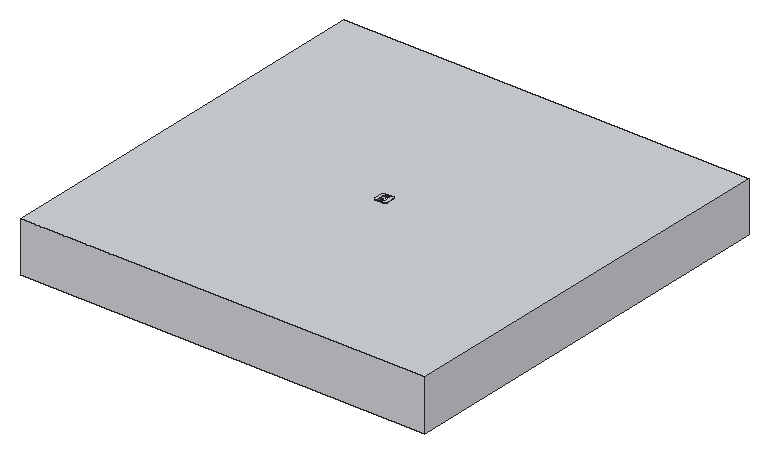
Revit family "Gira_200900", category Allgemeines Modell, Revit 2017
Family settings
  Basisbauteil = Fläche
  Kann Basisbauteil für Bewehrung sein = Nein
  Bemaßung runder Anschluss = Durchmesser verwenden
  Teiletyp = Normal
  Beim Laden mit Abzugskörper schneiden = Nein
  Gemeinsam genutzt = Nein
  Raumberechnungspunkt = Nein
Parameters
  Default Elevation = 1219.2 mm
  URL = "https://www.gira.de/"
  Typname = "Bus coup.3 external sens. KNX insert"
  Type of fastening = "Mounting with claw and screw"
  Productwebsite = "http://katalog.gira.de/en/datenblatt.html?artikelnr=200900"
  Other bus systems = "None"
  Mounting method = "Flush mounted (plaster)"
  Hersteller = "Gira"
  HAN = "200900"
  GTIN = "4010337082194"
  Data sheet = "https://katalog.gira.de/en/download.html?artikelnr=200900"
  Bus system radio frequent = no
  Bus system Powernet = no
  Bus system LON = no
  Bus system KNX radio = no
  Bus system KNX = yes
  Beschreibung = "Ins.bus coup.3 ext.sens. KNX,Insert for KNX bus coupler 3 with external sensor,,,Features:,- The bus coupler 3 connects the KNX system to a KNX application module.,- The combination of bus coupler 3 and application module represents a functional unit.,- In the ETS project, this unit is configured in the form of the application program of the application module.,- In addition, a remote temperature sensor can be connected to the bus coupler 3 with remote sensor. This enables a room temperature controller to record the temperature at an additional measuring point.,,Notes :,- The remote sensor functions only in combination with the pushbutton sensor 3 Plus."
  BIM = "https://media.stage.bim.site/public/gira/ad86d9f/Eins.Busankopp.3%20ext.F%C3%BChler%20KNX.rfa?public/gira/ad86d9f/Eins.Busankopp.3 ext.Fühler KNX.rfa"
Reference planes
  plane 1 "Center (Front/Back)": y = 0
  plane 2: z = 0
  plane 3 "Center (Left/Right)": x = 0
Forms (mm)
  Extrusion 1, solid
    sketch origin (0, 0, 0) x (1, 0, 0) y (0, 1, 0)
      loop
        line (-1219.2, 1219.2) -> (-1219.2, -1219.2) -> (1219.2, -1219.2) -> (1219.2, 1219.2) -> (-1219.2, 1219.2)
    from 0 to -304.8
  Extrusion 2, solid, detail levels fine
    sketch origin (0, 0, 0) x (1, 0, 0) y (0, 1, 0)
      loop
        line (-26.35, 35.35) -> (-35.35, 26.35) -> (-35.35, -26.35) -> (-26.35, -35.35) -> (26.35, -35.35) -> (35.35, -26.35) -> (35.35, 26.35) -> (26.35, 35.35) -> (-26.35, 35.35)
      loop
        line (-18.05, 14.982) -> (-18.05, -14.982) -> (-20.871, -18.592) -> (-12.991, -24.749) -> (-11.078, -22.3) -> (-9.5, -22.3) -> (-9.5, -23.669) -> (-8.5, -24.45) -> (-0.5, -24.45) -> (-0.5, -26.5) -> (8.5, -26.5) -> (8.5, -24.45) -> (9.5, -23.669) -> (9.5, -22.3) -> (11.047, -22.261) -> (12.991, -24.749) -> (20.871, -18.592) -> (18.05, -14.982) -> (18.05, 14.982) -> (20.871, 18.592) -> (12.991, 24.749) -> (11.078, 22.3) -> (9.5, 22.3) -> (9.5, 23.669) -> (8.5, 24.45) -> (0.5, 24.45) -> (0.5, 26.5) -> (-8.5, 26.5) -> (-8.5, 24.45) -> (-9.5, 23.669) -> (-9.5, 22.3) -> (-11.047, 22.261) -> (-12.991, 24.749) -> (-20.871, 18.592) -> (-18.05, 14.982)
    from 0 to 2
  Extrusion 3, solid, detail levels fine
    sketch origin (0, 0, 0) x (0, 1, 0) y (0, 0, 1)
      loop
        line (-7.494, -23.4) -> (-7.494, -15.4) -> (-9.494, -15.4) -> (-9.494, -12.4) -> (-7.494, -12.4) -> (-7.494, -9.9) -> (-14.697, -9.9) -> (-18.194, -17.4) -> (-18.194, -22.128) -> (-13.448, -23.4) -> (-7.494, -23.4)
    from -10.393 to -0.393
  Extrusion 4, solid, detail levels fine
    sketch origin (0, 0, 0) x (1, 0, 0) y (0, 1, 0)
      loop
        line (20.7, -16.55) -> (20.7, 16.55) -> (14.5, 16.55)
        arc (14.5, 16.55) -> (12.732, 17.282) -> (12, 19.05) r 2.5
        line (12, 19.05) -> (12, 22.7) -> (-12, 22.7) -> (-12, 19.05)
        arc (-12, 19.05) -> (-12.732, 17.282) -> (-14.5, 16.55) r 2.5
        line (-14.5, 16.55) -> (-20.7, 16.55) -> (-20.7, -16.55) -> (-14.5, -16.55)
        arc (-14.5, -16.55) -> (-12.732, -17.282) -> (-12, -19.05) r 2.5
        line (-12, -19.05) -> (-12, -22.7) -> (12, -22.7) -> (12, -19.05)
        arc (12, -19.05) -> (12.732, -17.282) -> (14.5, -16.55) r 2.5
        line (14.5, -16.55) -> (20.7, -16.55)
    from -8.6 to -7
  Extrusion 5, solid, detail levels medium+fine
    sketch origin (0, 0, 0) x (1, 0, 0) y (0, 1, 0)
      loop
        arc (-4.795, 6.55) -> (-8.507, 5.012) -> (-10.045, 1.3) r 5.25
        arc (-10.045, 1.3) -> (-8.507, -2.412) -> (-4.795, -3.95) r 5.25
        arc (-4.795, -3.95) -> (-1.083, -2.412) -> (0.455, 1.3) r 5.25
        arc (0.455, 1.3) -> (-1.083, 5.012) -> (-4.795, 6.55) r 5.25
    from -19.1 to -8.6
  Extrusion 6, solid, detail levels medium+fine
    sketch origin (0, 0, 0) x (1, 0, 0) y (0, 1, 0)
      loop
        arc (-12.632, -4.442) -> (-13.628, -2.038) -> (-16.032, -1.042) r 3.4
        arc (-16.032, -1.042) -> (-18.436, -2.038) -> (-19.432, -4.442) r 3.4
        arc (-19.432, -4.442) -> (-18.436, -6.846) -> (-16.032, -7.842) r 3.4
        arc (-16.032, -7.842) -> (-13.628, -6.846) -> (-12.632, -4.442) r 3.4
    from -14.7 to -8.6
  Extrusion 7, solid, detail levels fine
    sketch origin (0, 0, 0) x (1, 0, 0) y (0, 1, 0)
      loop
        line (-18.887, -9.502) -> (-18.887, -13.602) -> (-13.287, -13.602) -> (-13.287, -9.502) -> (-18.887, -9.502)
    from -11.05 to -8.6
  Extrusion 8, solid, detail levels medium+fine
    sketch origin (0, 0, 0) x (1, 0, 0) y (0, 1, 0)
      loop
        circle (-7.743, 16.606) r 0.5
      loop
        circle (-1.993, 16.606) r 0.5
    from -19.9 to -8.6
  Extrusion 9, solid, detail levels medium+fine
    sketch origin (0, 0, 0) x (1, 0, 0) y (0, 1, 0)
      loop
        line (-6.41, -16.06) -> (-6.41, -21.44) -> (6.41, -21.44) -> (6.41, -16.06) -> (-6.41, -16.06)
    from -7 to 1
  Extrusion 10, solid, detail levels medium+fine
    sketch origin (0, 0, 0) x (1, 0, 0) y (0, 1, 0)
      loop
        line (-12.25, 25.5) -> (-12.25, 24.5) -> (-9.75, 24.5) -> (-9.75, 25.5) -> (-12.25, 25.5)
      loop
        line (12.25, 25.5) -> (9.75, 25.5) -> (9.75, 24.5) -> (12.25, 24.5) -> (12.25, 25.5)
      loop
        line (-12.25, -25.5) -> (-9.75, -25.5) -> (-9.75, -24.5) -> (-12.25, -24.5) -> (-12.25, -25.5)
      loop
        line (12.25, -25.5) -> (12.25, -24.5) -> (9.75, -24.5) -> (9.75, -25.5) -> (12.25, -25.5)
    from 1 to 4
  Extrusion 11, solid, detail levels fine
    sketch origin (0, 0, 0) x (1, 0, 0) y (0, 1, 0)
      loop
        arc (16.499, 3.902) -> (14.594, 5.807) -> (12.689, 3.902) r 1.905
        line (12.689, 3.902) -> (12.689, -2.788)
        arc (12.689, -2.788) -> (14.594, -4.693) -> (16.499, -2.788) r 1.905
        line (16.499, -2.788) -> (16.499, 3.902)
    from -7 to -3.1
  Extrusion 12, solid, detail levels fine
    sketch origin (0, 0, 0) x (1, 0, 0) y (0, 1, 0)
      loop
        line (-6.28, -6.338) -> (-6.28, -0.738) -> (-10.38, -0.738) -> (-10.38, -6.338) -> (-6.28, -6.338)
      loop
        line (-7.59, 10.435) -> (-1.99, 10.435) -> (-1.99, 14.535) -> (-7.59, 14.535) -> (-7.59, 10.435)
      loop
        line (-1.601, -8.881) -> (-1.601, -3.281) -> (-5.701, -3.281) -> (-5.701, -8.881) -> (-1.601, -8.881)
    from -7 to -5.15
  Extrusion 13, solid, detail levels fine
    sketch origin (0, 0, 0) x (1, 0, 0) y (0, 1, 0)
      loop
        line (3.406, 2.855) -> (10.577, 2.855) -> (10.577, 9.91) -> (3.406, 9.91) -> (3.406, 2.855)
    from -7.59 to -6
  Extrusion 14, solid, detail levels medium
    sketch origin (0, 0, 0) x (1, 0, 0) y (0, 1, 0)
      loop
        line (35.35, 35.35) -> (-35.35, 35.35) -> (-35.35, -35.35) -> (35.35, -35.35) -> (35.35, 35.35)
    from 0 to 2
  Extrusion 15, solid, detail levels medium
    sketch origin (0, 0, 0) x (1, 0, 0) y (0, 1, 0)
      loop
        line (20.7, -22.7) -> (20.7, 22.7) -> (-20.7, 22.7) -> (-20.7, -22.7) -> (20.7, -22.7)
    from -8.6 to -7
  Extrusion 16, solid, detail levels medium
    sketch origin (0, 0, 0) x (0, 1, 0) y (0, 0, 1)
      loop
        line (-7.494, -23.4) -> (-7.494, -9.9) -> (-18.194, -9.9) -> (-18.194, -23.4) -> (-7.494, -23.4)
    from -10.393 to -0.393
  Extrusion 17, solid, detail levels medium
    sketch origin (0, 0, 0) x (1, 0, 0) y (0, 1, 0)
      loop
        line (12.689, -4.693) -> (16.499, -4.693) -> (16.499, 5.807) -> (12.689, 5.807) -> (12.689, -4.693)
    from -7 to -3.1
  Extrusion 18, solid, detail levels coarse
    sketch origin (0, 0, 0) x (1, 0, 0) y (0, 1, 0)
      loop
        line (35.35, 35.35) -> (-35.35, 35.35) -> (-35.35, -35.35) -> (35.35, -35.35) -> (35.35, 35.35)
    from -23.4 to 4
  Extrusion 19, solid, detail levels medium+fine
    sketch origin (0, 0, 0) x (1, 0, 0) y (0, 1, 0)
      loop
        circle (-7.893, -12.494) r 0.65
      loop
        circle (-2.893, -12.494) r 0.65
    from -9.9 to -7
Dimensions and locks
  aligned and locked: plane 2 to Extrusion 1
  aligned and locked: level to Extrusion 1
Connectors
  electrical at (0, 0, -23.4)
    settings: on Extrusion 18, index 1, voltage 220 V, apparent load 0 VA, apparent load phase1 0 VA, apparent load phase2 0 VA, apparent load phase3 0 VA, power factor 1, load classification "Other", number of poles 1, system type 31, power factor state 1, is connector primary yes, connector utility no, sub classification motor no, connector description ""
